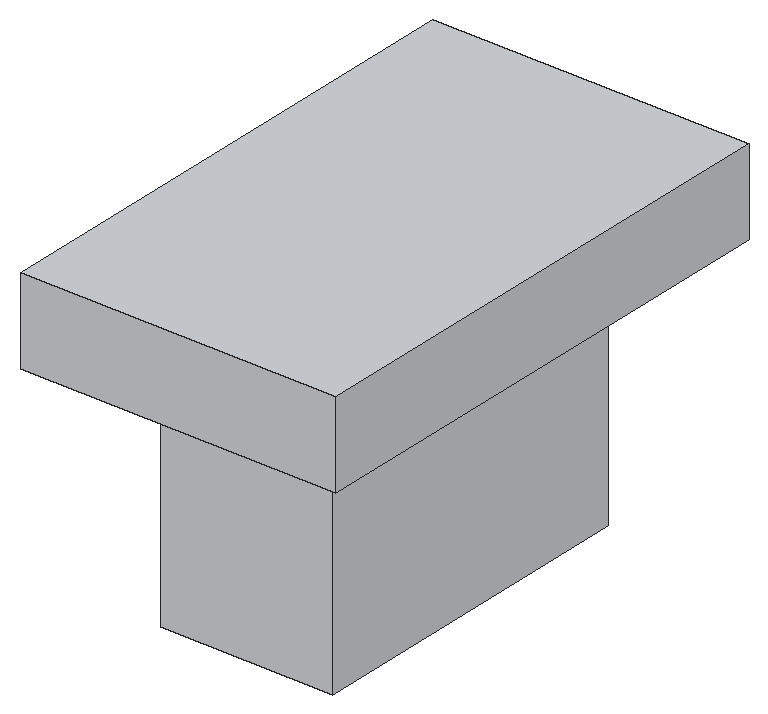
Revit family "556c601fe985483db6f3789b54acad34", category Fire Alarm Devices, host Face, Revit 2021
Family settings
  Host = Face
  Maintain Annotation Orientation = Yes
  Round Connector Dimension = Use Diameter
  Part Type = Normal
  OmniClass Number = 23.85.30.14.24
  OmniClass Title = Manual Alert Control
  Seek Item ID = Manual Station-0000-USA-ENU
  Cut with Voids When Loaded = No
  Shared = No
  Room Calculation Point = No
Parameters (values of type "Standard")
  Material = none
  Label = ""
  Default Elevation = 4' - 0"
Types (10): name | Label
  (no name) | ""
  Standard | ""
  Clean Agent | "CA"
  Carbon Dioxide | "CO2"
  Deluge Sprinkler | "DL"
  Dry Chemical | "DC"
  Foam | "FD"
  Water Mist | "WM"
  Wet Chemical | "WC"
  Halon | "HL"
Reference planes (in)
  plane 1 "Center (Front/Back)": y = 0
  plane 2: z = 0
  plane 3 "Center (Left/Right)": x = 0
  plane 4: x = -1.375
  plane 5: x = 1.375
  plane 6: x = -0.75
  plane 7: x = 0.75
  plane 8: y = 2.25
  plane 9: y = -2.25
  plane 10: y = 1.5
  plane 11: y = -1.5
  plane 12 "level above": z = 0.75
  plane 13 "level below": z = -2.125
Forms (in)
  Extrusion 1, solid, material <- "Material"
    sketch origin (0, 0, 0) x (1, 0, 0) y (0, 1, 0)
      loop
        line (-1.375, 2.25) -> (-1.375, -2.25) -> (1.375, -2.25) -> (1.375, 2.25) -> (-1.375, 2.25)
    from 0 to 0.75
  Extrusion 2, solid, material <- "Material"
    sketch origin (0, 0, 0) x (1, 0, 0) y (0, 1, 0)
      loop
        line (-0.75, 1.5) -> (-0.75, -1.5) -> (0.75, -1.5) -> (0.75, 1.5) -> (-0.75, 1.5)
    from 0 to -2.125
Lines and regions (in)
  symbolic lines, detail levels fine
    curve 1: line (1.375, 0, 0) -> (-1.375, 0, 0)
    curve 2: line (1.375, 0, 0.75) -> (1.375, 0, 0)
    curve 3: line (-1.375, 0, 0.75) -> (1.375, 0, 0.75)
    curve 4: line (-1.375, 0, 0) -> (-1.375, 0, 0.75)
    curve 5: line (0.75, 0, -2.125) -> (0.75, 0, 0)
    curve 6: line (-0.75, 0, -2.125) -> (0.75, 0, -2.125)
    curve 7: line (-0.75, 0, 0) -> (-0.75, 0, -2.125)
Dimensions and locks (in)
  equal spacing: plane 6, plane 3 "Center (Left/Right)", plane 7, locked at 0.75 each
  locked: plane 6 to plane 7 at 1.5
  equal spacing: plane 4, plane 3 "Center (Left/Right)", plane 5, locked at 1.375 each
  locked: plane 4 to plane 5 at 2.75
  locked: plane 8 to plane 9 at 4.5
  locked: plane 12 "level above" to level at 0.75
  locked: level to plane 13 "level below" at 2.125
  locked: plane 10 to plane 11 at 3
  equal spacing: plane 10, plane 1 "Center (Front/Back)", plane 11, locked at 1.5 each
  equal spacing: plane 8, plane 1 "Center (Front/Back)", plane 9, locked at 2.25 each
  aligned and locked: plane 2 to host face
  aligned and locked: level to host face
  aligned and locked: plane 8 to Extrusion 1
  aligned and locked: Extrusion 1 to plane 9
  aligned and locked: plane 5 to Extrusion 1
  aligned and locked: Extrusion 1 to plane 4
  aligned and locked: Extrusion 1 to level
  aligned and locked: plane 12 "level above" to Extrusion 1
  aligned and locked: plane 10 to Extrusion 2
  aligned and locked: Extrusion 2 to plane 6
  aligned and locked: plane 7 to Extrusion 2
  aligned and locked: Extrusion 2 to plane 11
  aligned and locked: Extrusion 2 to level
  aligned and locked: Extrusion 2 to plane 13 "level below"
  aligned and locked: curve 4 to plane 4
  aligned and locked: plane 5 to curve 2
  aligned and locked: curve 3 to plane 12 "level above"
  aligned and locked: plane 2 to curve 1
  aligned and locked: curve 7 to plane 6
  aligned and locked: plane 7 to curve 5
  aligned and locked: curve 6 to plane 13 "level below"
  aligned and locked: plane 1 "Center (Front/Back)" to nested 1
  aligned and locked: plane 3 "Center (Left/Right)" to nested 1
Automatic sketch dimensions
  Extrusion 1 sketch curve to plane 4 = 0' - 0"
  Extrusion 1 sketch curve to plane 5 = 0' - 0"
  Extrusion 1 sketch curve to plane 9 = 0' - 0"
  Extrusion 1 sketch curve to plane 8 = 0' - 0"
  Extrusion 2 sketch curve to plane 6 = 0' - 0"
  Extrusion 2 sketch curve to plane 7 = 0' - 0"
  Extrusion 2 sketch curve to plane 11 = 0' - 0"
  Extrusion 2 sketch curve to plane 10 = 0' - 0"
  host sketch curve to host sketch curve = 4' - 2 3/4"
  host sketch curve to host sketch curve = 4' - 0 3/4"
Nested families (in)
  nested 1: "Manual Station Annotation" at (0, 0, 0), type "Manual Station Annotation", detail levels coarse+medium
Connectors (in)
  electrical at (0, 1.5, -1.0625)
    settings: on Extrusion 2, index 1, voltage 120 V, apparent load 0 VA, apparent load phase1 0 VA, apparent load phase2 0 VA, apparent load phase3 0 VA, power factor 1, load classification "Lighting", number of poles 1, system type 11, power factor state 1, is connector primary yes, connector utility no, sub classification motor no, connector description ""
Definition of nested family "Manual Station Annotation"
  Parameters
    Label Annotation = ""
  Reference planes (in)
    plane 1: y = 0
    plane 2: x = 0
  Lines and regions (in)
    reference lines
      curve 1: line (-0.09375, 0.77776, 0) -> (-0.09375, 0.30001, 0)
      curve 2: line (0.09375, 0.83933, 0) -> (0.09375, 0.27045, 0)
      curve 3: line (-0.43796, 0.1875, 0) -> (0.78352, 0.1875, 0)
      curve 8: line (-0.70815, 0, 0) -> (0.79185, 0, 0)
    detail lines
      curve 4: line (-0.09375, 0.1875, 0) -> (0.09375, 0.1875, 0)
      curve 5: line (-0.09375, 0, 0) -> (-0.09375, 0.1875, 0)
      curve 6: line (0.09375, 0, 0) -> (-0.09375, 0, 0)
      curve 7: line (0.09375, 0.1875, 0) -> (0.09375, 0, 0)
  Text (in)
    label "CO2" at (0.11663, 0.00721, 0), shows "Label Annotation"
  Dimensions and locks (in)
    locked: curve 1 to plane 2 at 0.09375
    locked: plane 2 to curve 2 at 0.09375
    locked: curve 8 to curve 3 at 0.1875
    locked: plane 1 to curve 8
    aligned and locked: curve 3 to curve 4
    aligned and locked: curve 5 to curve 1
    aligned and locked: curve 2 to curve 7
    aligned and locked: curve 6 to curve 8
